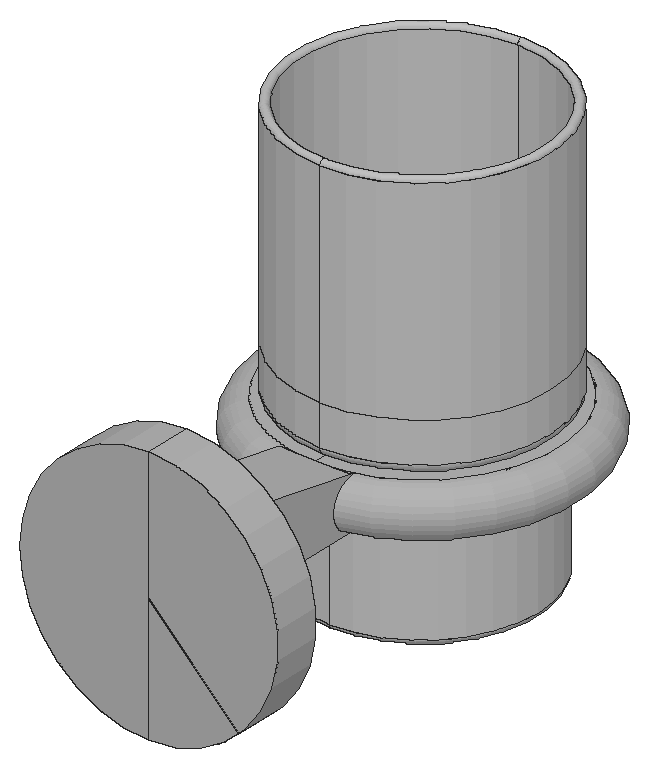
Revit family "PL6100001_Palermo Kit accesorios Cepillera", category Generic Models, host Wall, Revit 2019
Family settings
  Host = Wall
  Can host rebar = No
  Round Connector Dimension = Use Diameter
  Part Type = Normal
  Always vertical = Yes
  Cut with Voids When Loaded = No
  Shared = No
  Room Calculation Point = No
Parameters (values of type "Type 1")
  Temperatura de uso = "De 4o C a 40o C (40o F y 104o F)"  # constant formula
  Resistencia del accesorio = "5 Kg."  # constant formula
  Material 2 = Corona_Acrilico
  Material 1 = Corona_Cromo
  Manufacturer = "Corona"  # constant formula
  Fecha de creación = "10/08/2020"  # constant formula
  Creado por = "IDD"  # constant formula
  Ancho = 68.98 mm
Reference planes
  plane 1 "Wall": y = 0
  plane 2 "Center (Left/Right)": x = 125
  plane 3 "Back": y = 75
  plane 4: x = 159.49
  plane 5: x = 90.51
  plane 6: z = 240.953
  plane 7: z = 186.053
Forms (mm)
  Revolve 1, solid, material "Corona_Cromo" <- "Material 1", detail levels medium+fine
    sketch origin (125, 75, 213.053) x (0, 0, -1) y (0, -1, 0)
      loop
        line (-0.5, 0) -> (-0.5, -10.016) -> (15.089, -10.016) -> (27, -10.016) -> (27, 0) -> (-0.5, 0)
      axis (-0.5, -10.016) -> (-0.5, 0)
    angle from 0 to 360
  Extrusion 2, solid, material "Corona_Cromo" <- "Material 1", detail levels medium+fine
    sketch origin (104.76, 75, 213.053) x (0, 0, 1) y (0, 1, 0)
      loop
        line (-18.902, 12.351) -> (-18.902, 9.949) -> (20.248, 9.949)
        arc (20.248, 9.949) -> (14.781, 13.536) -> (11.89, 19.399) r 12.433
        line (11.89, 19.399) -> (6.721, 45.99)
        arc (6.721, 45.99) -> (1.397, 51.314) -> (-3.927, 45.99) r 5.324
        line (-3.927, 45.99) -> (-3.927, 24.509)
        arc (-3.927, 24.509) -> (-4.924, 20.913) -> (-7.631, 18.345) r 6.981
        line (-7.631, 18.345) -> (-18.902, 12.351)
    from -27.972 to -12.508
  Revolve 3, solid, material "Corona_Cromo" <- "Material 1", detail levels medium+fine
    sketch origin (125, 75, 213.053) x (0, 0, -1) y (0, -1, 0)
      loop
        line (27, 0) -> (0, 0) -> (0, -12.619) -> (24.555, -12.619)
        arc (24.555, -12.619) -> (26.284, -11.903) -> (27, -10.174) r 2.445
        line (27, -10.174) -> (27, 0)
      axis (0, -12.619) -> (0, 0)
    angle from -45 to 45
  Revolve 4, solid, material "Corona_Cromo" <- "Material 1", detail levels medium+fine
    sketch origin (125.078, 71.25, 213.053) x (0, 0, 1) y (0, -1, 0)
      loop
        arc (7.057, -47.525) -> (1.678, -42.146) -> (-3.701, -47.525) r 5.379
        line (-3.701, -47.525) -> (-3.701, -51.467) -> (7.057, -51.467) -> (7.057, -47.525)
      axis (7.057, -76.522) -> (-3.701, -76.522)
    angle from 0 to 360
  Revolve 5, solid, material "Corona_Acrilico" <- "Material 2", detail levels medium+fine
    sketch origin (125.078, 72.455, 223.834) x (0, 0, 1) y (0, -1, 0)
      loop
        line (51.994, -48.003) -> (6.735, -48.003) -> (-1.819, -48.003)
        arc (-1.819, -48.003) -> (-3.342, -48.796) -> (-3.566, -50.498) r 1.859
        line (-3.566, -50.498) -> (-36.688, -50.498)
        arc (-36.688, -50.498) -> (-37.461, -50.818) -> (-37.781, -51.591) r 1.094
        line (-37.781, -51.591) -> (-37.781, -75.272) -> (-35.781, -75.272) -> (-35.781, -52.203) -> (-1.86, -52.203) -> (-1.86, -49.845) -> (51.994, -49.845)
        arc (51.994, -49.845) -> (52.915, -48.924) -> (51.994, -48.003) r 0.921
      axis (51.994, -75.272) -> (-37.781, -75.272)
    angle from 0 to 360
  Extrusion 6, solid, material "Corona_Cromo" <- "Material 1", detail levels coarse
    sketch origin (0, 0, 0) x (1, 0, 0) y (0, 0, 1)
      loop
        line (90.51, 186.053) -> (159.49, 186.053) -> (159.49, 276.751) -> (90.51, 276.751) -> (90.51, 186.053)
    from -182.622 to -75
Text (mm)
  text "Placement Side" at (-1848.837, 1116.779, 0), in view "Ref. Level"
  text "Placement side" at (0, 1409.804, 2854.306), in view "Left"
  text "Placement side" at (0, 499.811, 2980.732), in view "Right"
Dimensions and locks
  locked: plane 3 "Back" to host wall
  equal spacing: plane 5, plane 2 "Center (Left/Right)", plane 4
  plane 5 to plane 4 = 68.98 mm
  plane 7 to plane 6 = 54.9 mm
  "Ancho": plane 5 to plane 4
  aligned and locked: plane 1 "Wall" to host wall
  aligned and locked: Extrusion 6 to host wall
Automatic sketch dimensions
  Revolve 1 sketch curve to host wall = 0 mm
  level to Revolve 1 sketch curve = 213.553 mm
  Revolve 1 sketch curve to Revolve 1 sketch curve = 15.589 mm
  Revolve 1 sketch curve to Revolve 1 sketch curve = 11.911 mm
  host wall to Revolve 1 sketch curve = 10.016 mm
  Revolve 1 sketch curve to Revolve 1 sketch curve = 0 mm
  Revolve 1 sketch curve to Revolve 1 sketch curve = 3.933 mm
  Revolve 1 sketch curve to Revolve 1 sketch curve = 3.465 mm
  host wall to Extrusion 2 sketch curve = 9.949 mm
  level to Extrusion 2 sketch curve = 194.151 mm
  Extrusion 2 sketch curve to Extrusion 2 sketch curve = 7.994 mm
  host wall to Extrusion 2 sketch curve = 18.345 mm
  Extrusion 2 sketch curve to Extrusion 2 sketch curve = 3.278 mm
  Extrusion 2 sketch curve to Extrusion 2 sketch curve = 6.981 mm
  Extrusion 2 sketch curve to Extrusion 2 sketch curve = 5.324 mm
  host wall to Extrusion 2 sketch curve = 19.399 mm
  Extrusion 2 sketch curve to Extrusion 2 sketch curve = 15.817 mm
  Extrusion 2 sketch curve to Extrusion 2 sketch curve = 8.358 mm
  Extrusion 2 sketch curve to Extrusion 2 sketch curve = 12.204 mm
  Extrusion 2 sketch curve to Extrusion 2 sketch curve = 2.402 mm
  Extrusion 2 sketch curve to Extrusion 2 sketch curve = 21.481 mm
  Revolve 3 sketch curve to host wall = 0 mm  (x2)
  level to Revolve 3 sketch curve = 213.053 mm
  host wall to Revolve 3 sketch curve = 12.619 mm
  Revolve 3 sketch curve to Revolve 3 sketch curve = 24.555 mm
  Revolve 3 sketch curve to Revolve 3 sketch curve = 2.445 mm
  Revolve 3 sketch curve to Revolve 3 sketch curve = 0 mm  (x2)
  host wall to Revolve 4 sketch curve = 47.717 mm
  level to Revolve 4 sketch curve = 209.352 mm
  Revolve 4 sketch curve to Revolve 4 sketch curve = 5.379 mm
  Revolve 4 sketch curve to Revolve 4 sketch curve = 3.942 mm
  Revolve 4 sketch curve to Revolve 4 sketch curve = 3.142 mm
  Revolve 4 sketch curve to Revolve 4 sketch curve = 16.252 mm
  Revolve 4 sketch curve to Revolve 4 sketch curve = 25.054 mm
  host wall to Revolve 5 sketch curve = 72.726 mm
  level to Revolve 5 sketch curve = 186.053 mm
  Revolve 5 sketch curve to Revolve 5 sketch curve = 1.094 mm
  Revolve 5 sketch curve to Revolve 5 sketch curve = 0.906 mm
  Revolve 5 sketch curve to Revolve 5 sketch curve = 32.215 mm
  Revolve 5 sketch curve to Revolve 5 sketch curve = 1.706 mm
  Revolve 5 sketch curve to Revolve 5 sketch curve = 0.041 mm
  Revolve 5 sketch curve to Revolve 5 sketch curve = 8.554 mm
  Revolve 5 sketch curve to Revolve 5 sketch curve = 45.26 mm
  Revolve 5 sketch curve to Revolve 5 sketch curve = 23.068 mm
  Revolve 5 sketch curve to Revolve 5 sketch curve = 0.612 mm
  Revolve 5 sketch curve to Revolve 5 sketch curve = 0.636 mm
  Revolve 5 sketch curve to Revolve 5 sketch curve = 0.017 mm
  Revolve 5 sketch curve to Revolve 5 sketch curve = 19.853 mm
  Revolve 5 sketch curve to Revolve 5 sketch curve = 25.372 mm
  Revolve 5 sketch curve to Revolve 5 sketch curve = 25.427 mm
  plane 5 to Extrusion 6 sketch curve = 0 mm
  plane 4 to Extrusion 6 sketch curve = 0 mm
  Extrusion 6 sketch curve to plane 7 = 0 mm
  Extrusion 6 sketch curve to plane 6 = 35.798 mm
